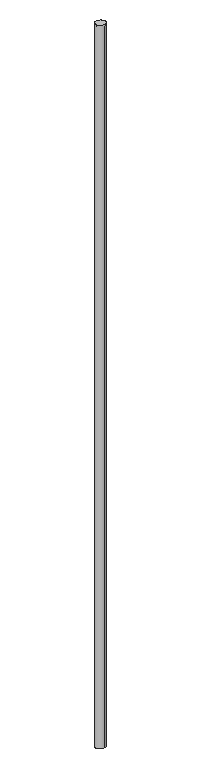
Revit family "Round Bars-Column", category Structural Columns, Revit 2018
Family settings
  Section Shape = Round Bar
  Material for Model Behavior = Steel
  Always export as geometry = No
  Beam cutback in plan = From geometry
  Family Name Key = Round Bars-Column
  OmniClass Number = 23.25.30.11.14.11
  OmniClass Title = Columns
  Seek Item ID = Round Bar-Column-0000-USA-ENU
  Cut with Voids When Loaded = No
  Symbolic Representation = From Project Settings
  Shared = No
  Show family pre-cut in plan views = Yes
Parameters (values of type "RB 1 1/2")
  Warping Constant = (empty or 0)
  Torsional Moment of Inertia = 0 cm⁴
  Torsional Modulus = 0 cm³
  Structural Material [instance] = Steel ASTM A36
  Section Name Key = "RB 1 1/2"
  Section Area = 1.77 in²
  Principal Axes Angle = 0.00°
  Plastic Modulus weak axis = 9.1768 cm³
  Plastic Modulus strong axis = 9.1768 cm³
  Perimeter = 4.71 (stored number, unit not read)
  Nominal Weight = 0 N/m
  Moment of Inertia weak axis = 10.406 cm⁴
  Moment of Inertia strong axis = 10.406 cm⁴
  Elastic Modulus weak axis = 5.4077 cm³
  Elastic Modulus strong axis = 5.4077 cm³
  Diameter = 0' - 1 1/2"
  Centroid Vertical = Diameter / 2  # 19.05 mm
  Centroid Horizontal = Diameter / 2  # 19.05 mm
  Assembly Code = "B10"
Reference planes (in)
  plane 1 "Center (Front/Back)": y = 0
  plane 2: z = 0
  plane 3 "Center (Left/Right)": x = 0
  plane 4: x = -0.75
  plane 5: x = 0.75
  plane 6: y = 0.75
  plane 7: y = -0.75
Forms (in)
  Extrusion 1, solid, material "Steel ASTM A36" <- "Structural Material", detail levels medium+fine
    sketch origin (0, 0, 0) x (1, 0, 0) y (0, 1, 0)
      loop
        circle (0, 0) r 0.75
    from 0 to 108
Lines and regions (in)
  symbolic lines, style "StructuralColumnStickSymbols", detail levels coarse
    curve 1: arc (-0.75, 0, 0) -> (0, -0.75, 0) -> (0.75, 0, 0) r 0.75
    curve 2: arc (0.75, 0, 0) -> (0, 0.75, 0) -> (-0.75, 0, 0) r 0.75
Dimensions and locks (in)
  equal spacing: plane 4, plane 3 "Center (Left/Right)", plane 5
  equal spacing: plane 7, plane 1 "Center (Front/Back)", plane 6
  "Diameter": plane 7 to plane 6
  "Diameter": plane 4 to plane 5
  "Diameter": diameter of Extrusion 1 sketch curve
  aligned and locked: level to plane 2
  aligned and locked: plane 3 "Center (Left/Right)" to Extrusion 1 sketch curve
  aligned and locked: plane 1 "Center (Front/Back)" to Extrusion 1 sketch curve
  aligned and locked: level to Extrusion 1
  aligned and locked: Extrusion 1 to plane 2
Automatic sketch dimensions
  plane 1 "Center (Front/Back)" to curve 1 = 0' - 0"  (x2)
  curve 1 to plane 4 = 0' - 0"
  plane 1 "Center (Front/Back)" to curve 2 = 0' - 0"
  curve 2 to plane 3 "Center (Left/Right)" = 0' - 0"
Types in the file's own list only (191): name | Warping Constant | Torsional Moment of Inertia | Torsional Modulus | Section Name Key | Section Area | Plastic Modulus weak axis | Plastic Modulus strong axis | Perimeter | Nominal Weight | Moment of Inertia weak axis | Moment of Inertia strong axis | Elastic Modulus weak axis | Elastic Modulus strong axis | Diameter | Centroid Vertical | Centroid Horizontal
  RB 1 | 0.00 in6 | 0.00 in4 | 0.00 in³ | "RB 1" | 0.79 in² | 0.17 in³ | 0.17 in³ | 3.14 ft²/ft | 0.00 lbf/ft | 0.05 in4 | 0.05 in4 | 0.10 in³ | 0.10 in³ | 1.000" | 0.500" | 0.500"
  RB 1 1/16 | 0.00 in6 | 0.00 in4 | 0.00 in³ | "RB 1 1/16" | 0.89 in² | 0.20 in³ | 0.20 in³ | 3.34 ft²/ft | 0.00 lbf/ft | 0.06 in4 | 0.06 in4 | 0.12 in³ | 0.12 in³ | 1.063" | 0.531" | 0.531"
  RB 1 1/4 | 0.00 in6 | 0.00 in4 | 0.00 in³ | "RB 1 1/4" | 1.23 in² | 0.33 in³ | 0.33 in³ | 3.93 ft²/ft | 0.00 lbf/ft | 0.12 in4 | 0.12 in4 | 0.19 in³ | 0.19 in³ | 1.250" | 0.625" | 0.625"
  RB 1 1/8 | 0.00 in6 | 0.00 in4 | 0.00 in³ | "RB 1 1/8" | 0.99 in² | 0.24 in³ | 0.24 in³ | 3.53 ft²/ft | 0.00 lbf/ft | 0.08 in4 | 0.08 in4 | 0.14 in³ | 0.14 in³ | 1.125" | 0.563" | 0.563"
  RB 1 11/16 | 0.00 in6 | 0.00 in4 | 0.00 in³ | "RB 1 11/16" | 2.24 in² | 0.80 in³ | 0.80 in³ | 5.30 ft²/ft | 0.00 lbf/ft | 0.40 in4 | 0.40 in4 | 0.47 in³ | 0.47 in³ | 1.688" | 0.844" | 0.844"
  RB 1 13/16 | 0.00 in6 | 0.00 in4 | 0.00 in³ | "RB 1 13/16" | 2.58 in² | 0.99 in³ | 0.99 in³ | 5.69 ft²/ft | 0.00 lbf/ft | 0.53 in4 | 0.53 in4 | 0.59 in³ | 0.59 in³ | 1.813" | 0.906" | 0.906"
  RB 1 15/16 | 0.00 in6 | 0.00 in4 | 0.00 in³ | "RB 1 15/16" | 2.95 in² | 1.21 in³ | 1.21 in³ | 6.08 ft²/ft | 0.00 lbf/ft | 0.69 in4 | 0.69 in4 | 0.71 in³ | 0.71 in³ | 1.938" | 0.969" | 0.969"
  RB 1 3/16 | 0.00 in6 | 0.00 in4 | 0.00 in³ | "RB 1 3/16" | 1.11 in² | 0.28 in³ | 0.28 in³ | 3.73 ft²/ft | 0.00 lbf/ft | 0.10 in4 | 0.10 in4 | 0.16 in³ | 0.16 in³ | 1.188" | 0.594" | 0.594"
  RB 1 3/4 | 0.00 in6 | 0.00 in4 | 0.00 in³ | "RB 1 3/4" | 2.40 in² | 0.89 in³ | 0.89 in³ | 5.50 ft²/ft | 0.00 lbf/ft | 0.46 in4 | 0.46 in4 | 0.53 in³ | 0.53 in³ | 1.750" | 0.875" | 0.875"
  RB 1 3/8 | 0.00 in6 | 0.00 in4 | 0.00 in³ | "RB 1 3/8" | 1.48 in² | 0.43 in³ | 0.43 in³ | 4.32 ft²/ft | 0.00 lbf/ft | 0.18 in4 | 0.18 in4 | 0.26 in³ | 0.26 in³ | 1.375" | 0.688" | 0.688"
  RB 1 5/16 | 0.00 in6 | 0.00 in4 | 0.00 in³ | "RB 1 5/16" | 1.35 in² | 0.38 in³ | 0.38 in³ | 4.12 ft²/ft | 0.00 lbf/ft | 0.15 in4 | 0.15 in4 | 0.22 in³ | 0.22 in³ | 1.313" | 0.656" | 0.656"
  RB 1 5/8 | 0.00 in6 | 0.00 in4 | 0.00 in³ | "RB 1 5/8" | 2.07 in² | 0.72 in³ | 0.72 in³ | 5.10 ft²/ft | 0.00 lbf/ft | 0.34 in4 | 0.34 in4 | 0.42 in³ | 0.42 in³ | 1.625" | 0.813" | 0.813"
  RB 1 7/16 | 0.00 in6 | 0.00 in4 | 0.00 in³ | "RB 1 7/16" | 1.62 in² | 0.50 in³ | 0.50 in³ | 4.51 ft²/ft | 0.00 lbf/ft | 0.21 in4 | 0.21 in4 | 0.29 in³ | 0.29 in³ | 1.438" | 0.719" | 0.719"
  RB 1 7/8 | 0.00 in6 | 0.00 in4 | 0.00 in³ | "RB 1 7/8" | 2.76 in² | 1.10 in³ | 1.10 in³ | 5.89 ft²/ft | 0.00 lbf/ft | 0.61 in4 | 0.61 in4 | 0.65 in³ | 0.65 in³ | 1.875" | 0.938" | 0.938"
  RB 1 9/16 | 0.00 in6 | 0.00 in4 | 0.00 in³ | "RB 1 9/16" | 1.92 in² | 0.64 in³ | 0.64 in³ | 4.91 ft²/ft | 0.00 lbf/ft | 0.29 in4 | 0.29 in4 | 0.38 in³ | 0.38 in³ | 1.563" | 0.781" | 0.781"
  RB 1/16 | 0.00 in6 | 0.00 in4 | 0.00 in³ | "RB 1/16" | 0.31 in² | 0.00 in³ | 0.00 in³ | 1.96 ft²/ft | 0.00 lbf/ft | 0.00 in4 | 0.00 in4 | 0.00 in³ | 0.00 in³ | 0.625" | 0.313" | 0.313"
  RB 1/2 | 0.00 in6 | 0.00 in4 | 0.00 in³ | "RB 1/2" | 0.20 in² | 0.02 in³ | 0.02 in³ | 1.57 ft²/ft | 0.00 lbf/ft | 0.00 in4 | 0.00 in4 | 0.01 in³ | 0.01 in³ | 0.500" | 0.250" | 0.250"
  RB 1/4 | 0.00 in6 | 0.00 in4 | 0.00 in³ | "RB 1/4" | 0.05 in² | 0.00 in³ | 0.00 in³ | 0.79 ft²/ft | 0.00 lbf/ft | 0.00 in4 | 0.00 in4 | 0.00 in³ | 0.00 in³ | 0.250" | 0.125" | 0.125"
  RB 1/8 | 0.00 in6 | 0.00 in4 | 0.00 in³ | "RB 1/8" | 0.01 in² | 0.00 in³ | 0.00 in³ | 0.39 ft²/ft | 0.00 lbf/ft | 0.00 in4 | 0.00 in4 | 0.00 in³ | 0.00 in³ | 0.125" | 0.063" | 0.063"
  RB 10 | 0.00 in6 | 0.00 in4 | 0.00 in³ | "RB 10" | 78.50 in² | 166.67 in³ | 166.67 in³ | 31.40 ft²/ft | 0.00 lbf/ft | 490.87 in4 | 490.87 in4 | 98.18 in³ | 98.18 in³ | 10.000" | 5.000" | 5.000"
  RB 10 1/16 | 0.00 in6 | 0.00 in4 | 0.00 in³ | "RB 10 1/16" | 79.48 in² | 169.81 in³ | 169.81 in³ | 31.60 ft²/ft | 0.00 lbf/ft | 503.26 in4 | 503.26 in4 | 100.03 in³ | 100.03 in³ | 10.063" | 5.031" | 5.031"
  RB 10 1/2 | 0.00 in6 | 0.00 in4 | 0.00 in³ | "RB 10 1/2" | 86.55 in² | 192.94 in³ | 192.94 in³ | 32.97 ft²/ft | 0.00 lbf/ft | 596.66 in4 | 596.66 in4 | 113.65 in³ | 113.65 in³ | 10.500" | 5.250" | 5.250"
  RB 10 1/4 | 0.00 in6 | 0.00 in4 | 0.00 in³ | "RB 10 1/4" | 82.47 in² | 179.48 in³ | 179.48 in³ | 32.19 ft²/ft | 0.00 lbf/ft | 541.83 in4 | 541.83 in4 | 105.72 in³ | 105.72 in³ | 10.250" | 5.125" | 5.125"
  RB 10 1/8 | 0.00 in6 | 0.00 in4 | 0.00 in³ | "RB 10 1/8" | 80.48 in² | 173.00 in³ | 173.00 in³ | 31.79 ft²/ft | 0.00 lbf/ft | 515.88 in4 | 515.88 in4 | 101.90 in³ | 101.90 in³ | 10.125" | 5.063" | 5.063"
  RB 10 11/16 | 0.00 in6 | 0.00 in4 | 0.00 in³ | "RB 10 11/16" | 89.67 in² | 203.46 in³ | 203.46 in³ | 33.56 ft²/ft | 0.00 lbf/ft | 640.43 in4 | 640.43 in4 | 119.85 in³ | 119.85 in³ | 10.688" | 5.344" | 5.344"
  RB 10 13/16 | 0.00 in6 | 0.00 in4 | 0.00 in³ | "RB 10 13/16" | 91.77 in² | 210.68 in³ | 210.68 in³ | 33.95 ft²/ft | 0.00 lbf/ft | 670.93 in4 | 670.93 in4 | 124.10 in³ | 124.10 in³ | 10.813" | 5.406" | 5.406"
  RB 10 15/16 | 0.00 in6 | 0.00 in4 | 0.00 in³ | "RB 10 15/16" | 93.91 in² | 218.07 in³ | 218.07 in³ | 34.34 ft²/ft | 0.00 lbf/ft | 702.49 in4 | 702.49 in4 | 128.46 in³ | 128.46 in³ | 10.938" | 5.469" | 5.469"
  RB 10 3/16 | 0.00 in6 | 0.00 in4 | 0.00 in³ | "RB 10 3/16" | 81.47 in² | 176.22 in³ | 176.22 in³ | 31.99 ft²/ft | 0.00 lbf/ft | 528.74 in4 | 528.74 in4 | 103.80 in³ | 103.80 in³ | 10.188" | 5.094" | 5.094"
  RB 10 3/4 | 0.00 in6 | 0.00 in4 | 0.00 in³ | "RB 10 3/4" | 90.72 in² | 207.05 in³ | 207.05 in³ | 33.76 ft²/ft | 0.00 lbf/ft | 655.55 in4 | 655.55 in4 | 121.96 in³ | 121.96 in³ | 10.750" | 5.375" | 5.375"
  RB 10 3/8 | 0.00 in6 | 0.00 in4 | 0.00 in³ | "RB 10 3/8" | 84.50 in² | 186.13 in³ | 186.13 in³ | 32.58 ft²/ft | 0.00 lbf/ft | 568.75 in4 | 568.75 in4 | 109.64 in³ | 109.64 in³ | 10.375" | 5.188" | 5.188"
  RB 10 5/16 | 0.00 in6 | 0.00 in4 | 0.00 in³ | "RB 10 5/16" | 83.48 in² | 182.79 in³ | 182.79 in³ | 32.38 ft²/ft | 0.00 lbf/ft | 555.17 in4 | 555.17 in4 | 107.67 in³ | 107.67 in³ | 10.313" | 5.156" | 5.156"
  RB 10 5/8 | 0.00 in6 | 0.00 in4 | 0.00 in³ | "RB 10 5/8" | 88.62 in² | 199.91 in³ | 199.91 in³ | 33.36 ft²/ft | 0.00 lbf/ft | 625.58 in4 | 625.58 in4 | 117.76 in³ | 117.76 in³ | 10.625" | 5.313" | 5.313"
  RB 10 7/16 | 0.00 in6 | 0.00 in4 | 0.00 in³ | "RB 10 7/16" | 85.52 in² | 189.51 in³ | 189.51 in³ | 32.77 ft²/ft | 0.00 lbf/ft | 582.58 in4 | 582.58 in4 | 111.63 in³ | 111.63 in³ | 10.438" | 5.219" | 5.219"
  RB 10 7/8 | 0.00 in6 | 0.00 in4 | 0.00 in³ | "RB 10 7/8" | 92.84 in² | 214.36 in³ | 214.36 in³ | 34.15 ft²/ft | 0.00 lbf/ft | 686.57 in4 | 686.57 in4 | 126.27 in³ | 126.27 in³ | 10.875" | 5.438" | 5.438"
  RB 10 9/16 | 0.00 in6 | 0.00 in4 | 0.00 in³ | "RB 10 9/16" | 87.58 in² | 196.40 in³ | 196.40 in³ | 33.17 ft²/ft | 0.00 lbf/ft | 610.99 in4 | 610.99 in4 | 115.69 in³ | 115.69 in³ | 10.563" | 5.281" | 5.281"
  RB 11 | 0.00 in6 | 0.00 in4 | 0.00 in³ | "RB 11" | 94.99 in² | 221.83 in³ | 221.83 in³ | 34.54 ft²/ft | 0.00 lbf/ft | 718.69 in4 | 718.69 in4 | 130.67 in³ | 130.67 in³ | 11.000" | 5.500" | 5.500"
  RB 11 1/16 | 0.00 in6 | 0.00 in4 | 0.00 in³ | "RB 11 1/16" | 96.07 in² | 225.64 in³ | 225.64 in³ | 34.74 ft²/ft | 0.00 lbf/ft | 735.16 in4 | 735.16 in4 | 132.91 in³ | 132.91 in³ | 11.063" | 5.531" | 5.531"
  RB 11 1/2 | 0.00 in6 | 0.00 in4 | 0.00 in³ | "RB 11 1/2" | 103.82 in² | 253.48 in³ | 253.48 in³ | 36.11 ft²/ft | 0.00 lbf/ft | 858.54 in4 | 858.54 in4 | 149.31 in³ | 149.31 in³ | 11.500" | 5.750" | 5.750"
  RB 11 1/4 | 0.00 in6 | 0.00 in4 | 0.00 in³ | "RB 11 1/4" | 99.35 in² | 237.31 in³ | 237.31 in³ | 35.33 ft²/ft | 0.00 lbf/ft | 786.29 in4 | 786.29 in4 | 139.78 in³ | 139.78 in³ | 11.250" | 5.625" | 5.625"
  RB 11 1/8 | 0.00 in6 | 0.00 in4 | 0.00 in³ | "RB 11 1/8" | 97.16 in² | 229.48 in³ | 229.48 in³ | 34.93 ft²/ft | 0.00 lbf/ft | 751.92 in4 | 751.92 in4 | 135.18 in³ | 135.18 in³ | 11.125" | 5.563" | 5.563"
  RB 11 11/16 | 0.00 in6 | 0.00 in4 | 0.00 in³ | "RB 11 11/16" | 107.23 in² | 266.08 in³ | 266.08 in³ | 36.70 ft²/ft | 0.00 lbf/ft | 915.92 in4 | 915.92 in4 | 156.74 in³ | 156.74 in³ | 11.688" | 5.844" | 5.844"
  RB 11 13/16 | 0.00 in6 | 0.00 in4 | 0.00 in³ | "RB 11 13/16" | 109.54 in² | 274.71 in³ | 274.71 in³ | 37.09 ft²/ft | 0.00 lbf/ft | 955.73 in4 | 955.73 in4 | 161.82 in³ | 161.82 in³ | 11.813" | 5.906" | 5.906"
  RB 11 15/16 | 0.00 in6 | 0.00 in4 | 0.00 in³ | "RB 11 15/16" | 111.87 in² | 283.52 in³ | 283.52 in³ | 37.48 ft²/ft | 0.00 lbf/ft | 996.84 in4 | 996.84 in4 | 167.01 in³ | 167.01 in³ | 11.938" | 5.969" | 5.969"
  RB 11 3/16 | 0.00 in6 | 0.00 in4 | 0.00 in³ | "RB 11 3/16" | 98.25 in² | 233.37 in³ | 233.37 in³ | 35.13 ft²/ft | 0.00 lbf/ft | 768.96 in4 | 768.96 in4 | 137.47 in³ | 137.47 in³ | 11.188" | 5.594" | 5.594"
  RB 11 3/4 | 0.00 in6 | 0.00 in4 | 0.00 in³ | "RB 11 3/4" | 108.38 in² | 270.37 in³ | 270.37 in³ | 36.90 ft²/ft | 0.00 lbf/ft | 935.67 in4 | 935.67 in4 | 159.26 in³ | 159.26 in³ | 11.750" | 5.875" | 5.875"
  RB 11 3/8 | 0.00 in6 | 0.00 in4 | 0.00 in³ | "RB 11 3/8" | 101.57 in² | 245.30 in³ | 245.30 in³ | 35.72 ft²/ft | 0.00 lbf/ft | 821.82 in4 | 821.82 in4 | 144.50 in³ | 144.50 in³ | 11.375" | 5.688" | 5.688"
  RB 11 5/16 | 0.00 in6 | 0.00 in4 | 0.00 in³ | "RB 11 5/16" | 100.46 in² | 241.28 in³ | 241.28 in³ | 35.52 ft²/ft | 0.00 lbf/ft | 803.90 in4 | 803.90 in4 | 142.13 in³ | 142.13 in³ | 11.313" | 5.656" | 5.656"
  RB 11 5/8 | 0.00 in6 | 0.00 in4 | 0.00 in³ | "RB 11 5/8" | 106.09 in² | 261.84 in³ | 261.84 in³ | 36.50 ft²/ft | 0.00 lbf/ft | 896.48 in4 | 896.48 in4 | 154.23 in³ | 154.23 in³ | 11.625" | 5.813" | 5.813"
  RB 11 7/16 | 0.00 in6 | 0.00 in4 | 0.00 in³ | "RB 11 7/16" | 102.69 in² | 249.37 in³ | 249.37 in³ | 35.91 ft²/ft | 0.00 lbf/ft | 840.03 in4 | 840.03 in4 | 146.89 in³ | 146.89 in³ | 11.438" | 5.719" | 5.719"
  RB 11 7/8 | 0.00 in6 | 0.00 in4 | 0.00 in³ | "RB 11 7/8" | 110.70 in² | 279.09 in³ | 279.09 in³ | 37.29 ft²/ft | 0.00 lbf/ft | 976.12 in4 | 976.12 in4 | 164.40 in³ | 164.40 in³ | 11.875" | 5.938" | 5.938"
  RB 11 9/16 | 0.00 in6 | 0.00 in4 | 0.00 in³ | "RB 11 9/16" | 104.95 in² | 257.63 in³ | 257.63 in³ | 36.31 ft²/ft | 0.00 lbf/ft | 877.36 in4 | 877.36 in4 | 151.76 in³ | 151.76 in³ | 11.563" | 5.781" | 5.781"
  RB 11/16 | 0.00 in6 | 0.00 in4 | 0.00 in³ | "RB 11/16" | 0.37 in² | 0.05 in³ | 0.05 in³ | 2.16 ft²/ft | 0.00 lbf/ft | 0.01 in4 | 0.01 in4 | 0.03 in³ | 0.03 in³ | 0.688" | 0.344" | 0.344"
  RB 12 | 0.00 in6 | 0.00 in4 | 0.00 in³ | "RB 12" | 113.04 in² | 288.00 in³ | 288.00 in³ | 37.68 ft²/ft | 0.00 lbf/ft | 1017.88 in4 | 1017.88 in4 | 169.65 in³ | 169.65 in³ | 12.000" | 6.000" | 6.000"
  RB 13/16 | 0.00 in6 | 0.00 in4 | 0.00 in³ | "RB 13/16" | 0.52 in² | 0.09 in³ | 0.09 in³ | 2.55 ft²/ft | 0.00 lbf/ft | 0.02 in4 | 0.02 in4 | 0.05 in³ | 0.05 in³ | 0.813" | 0.406" | 0.406"
  RB 15/16 | 0.00 in6 | 0.00 in4 | 0.00 in³ | "RB 15/16" | 0.69 in² | 0.14 in³ | 0.14 in³ | 2.94 ft²/ft | 0.00 lbf/ft | 0.04 in4 | 0.04 in4 | 0.08 in³ | 0.08 in³ | 0.938" | 0.469" | 0.469"
  RB 2 | 0.00 in6 | 0.00 in4 | 0.00 in³ | "RB 2" | 3.14 in² | 1.33 in³ | 1.33 in³ | 6.28 ft²/ft | 0.00 lbf/ft | 0.79 in4 | 0.79 in4 | 0.79 in³ | 0.79 in³ | 2.000" | 1.000" | 1.000"
  RB 2 1/16 | 0.00 in6 | 0.00 in4 | 0.00 in³ | "RB 2 1/16" | 3.34 in² | 1.46 in³ | 1.46 in³ | 6.48 ft²/ft | 0.00 lbf/ft | 0.89 in4 | 0.89 in4 | 0.86 in³ | 0.86 in³ | 2.063" | 1.031" | 1.031"
  RB 2 1/2 | 0.00 in6 | 0.00 in4 | 0.00 in³ | "RB 2 1/2" | 4.91 in² | 2.60 in³ | 2.60 in³ | 7.85 ft²/ft | 0.00 lbf/ft | 1.92 in4 | 1.92 in4 | 1.53 in³ | 1.53 in³ | 2.500" | 1.250" | 1.250"
  RB 2 1/4 | 0.00 in6 | 0.00 in4 | 0.00 in³ | "RB 2 1/4" | 3.97 in² | 1.90 in³ | 1.90 in³ | 7.07 ft²/ft | 0.00 lbf/ft | 1.26 in4 | 1.26 in4 | 1.12 in³ | 1.12 in³ | 2.250" | 1.125" | 1.125"
  RB 2 1/8 | 0.00 in6 | 0.00 in4 | 0.00 in³ | "RB 2 1/8" | 3.55 in² | 1.60 in³ | 1.60 in³ | 6.67 ft²/ft | 0.00 lbf/ft | 1.00 in4 | 1.00 in4 | 0.94 in³ | 0.94 in³ | 2.125" | 1.063" | 1.063"
  RB 2 11/16 | 0.00 in6 | 0.00 in4 | 0.00 in³ | "RB 2 11/16" | 5.67 in² | 3.24 in³ | 3.24 in³ | 8.44 ft²/ft | 0.00 lbf/ft | 2.56 in4 | 2.56 in4 | 1.91 in³ | 1.91 in³ | 2.688" | 1.344" | 1.344"
  RB 2 13/16 | 0.00 in6 | 0.00 in4 | 0.00 in³ | "RB 2 13/16" | 6.21 in² | 3.71 in³ | 3.71 in³ | 8.83 ft²/ft | 0.00 lbf/ft | 3.07 in4 | 3.07 in4 | 2.18 in³ | 2.18 in³ | 2.813" | 1.406" | 1.406"
  RB 2 15/16 | 0.00 in6 | 0.00 in4 | 0.00 in³ | "RB 2 15/16" | 6.77 in² | 4.23 in³ | 4.23 in³ | 9.22 ft²/ft | 0.00 lbf/ft | 3.66 in4 | 3.66 in4 | 2.49 in³ | 2.49 in³ | 2.938" | 1.469" | 1.469"
  RB 2 3/16 | 0.00 in6 | 0.00 in4 | 0.00 in³ | "RB 2 3/16" | 3.76 in² | 1.75 in³ | 1.75 in³ | 6.87 ft²/ft | 0.00 lbf/ft | 1.12 in4 | 1.12 in4 | 1.03 in³ | 1.03 in³ | 2.188" | 1.094" | 1.094"
  RB 2 3/4 | 0.00 in6 | 0.00 in4 | 0.00 in³ | "RB 2 3/4" | 5.94 in² | 3.47 in³ | 3.47 in³ | 8.64 ft²/ft | 0.00 lbf/ft | 2.81 in4 | 2.81 in4 | 2.04 in³ | 2.04 in³ | 2.750" | 1.375" | 1.375"
  RB 2 3/8 | 0.00 in6 | 0.00 in4 | 0.00 in³ | "RB 2 3/8" | 4.43 in² | 2.23 in³ | 2.23 in³ | 7.46 ft²/ft | 0.00 lbf/ft | 1.56 in4 | 1.56 in4 | 1.32 in³ | 1.32 in³ | 2.375" | 1.188" | 1.188"
  RB 2 5/16 | 0.00 in6 | 0.00 in4 | 0.00 in³ | "RB 2 5/16" | 4.20 in² | 2.06 in³ | 2.06 in³ | 7.26 ft²/ft | 0.00 lbf/ft | 1.40 in4 | 1.40 in4 | 1.21 in³ | 1.21 in³ | 2.313" | 1.156" | 1.156"
  RB 2 5/8 | 0.00 in6 | 0.00 in4 | 0.00 in³ | "RB 2 5/8" | 5.41 in² | 3.02 in³ | 3.02 in³ | 8.24 ft²/ft | 0.00 lbf/ft | 2.33 in4 | 2.33 in4 | 1.78 in³ | 1.78 in³ | 2.625" | 1.313" | 1.313"
  RB 2 7/16 | 0.00 in6 | 0.00 in4 | 0.00 in³ | "RB 2 7/16" | 4.66 in² | 2.41 in³ | 2.41 in³ | 7.65 ft²/ft | 0.00 lbf/ft | 1.73 in4 | 1.73 in4 | 1.42 in³ | 1.42 in³ | 2.438" | 1.219" | 1.219"
  RB 2 7/8 | 0.00 in6 | 0.00 in4 | 0.00 in³ | "RB 2 7/8" | 6.49 in² | 3.96 in³ | 3.96 in³ | 9.03 ft²/ft | 0.00 lbf/ft | 3.35 in4 | 3.35 in4 | 2.33 in³ | 2.33 in³ | 2.875" | 1.438" | 1.438"
  RB 2 9/16 | 0.00 in6 | 0.00 in4 | 0.00 in³ | "RB 2 9/16" | 5.16 in² | 2.80 in³ | 2.80 in³ | 8.05 ft²/ft | 0.00 lbf/ft | 2.12 in4 | 2.12 in4 | 1.65 in³ | 1.65 in³ | 2.563" | 1.281" | 1.281"
  RB 3 | 0.00 in6 | 0.00 in4 | 0.00 in³ | "RB 3" | 7.07 in² | 4.50 in³ | 4.50 in³ | 9.42 ft²/ft | 0.00 lbf/ft | 3.98 in4 | 3.98 in4 | 2.65 in³ | 2.65 in³ | 3.000" | 1.500" | 1.500"
  RB 3 1/16 | 0.00 in6 | 0.00 in4 | 0.00 in³ | "RB 3 1/16" | 7.36 in² | 4.79 in³ | 4.79 in³ | 9.62 ft²/ft | 0.00 lbf/ft | 4.32 in4 | 4.32 in4 | 2.82 in³ | 2.82 in³ | 3.063" | 1.531" | 1.531"
  RB 3 1/2 | 0.00 in6 | 0.00 in4 | 0.00 in³ | "RB 3 1/2" | 9.62 in² | 7.15 in³ | 7.15 in³ | 10.99 ft²/ft | 0.00 lbf/ft | 7.37 in4 | 7.37 in4 | 4.21 in³ | 4.21 in³ | 3.500" | 1.750" | 1.750"
  RB 3 1/4 | 0.00 in6 | 0.00 in4 | 0.00 in³ | "RB 3 1/4" | 8.29 in² | 5.72 in³ | 5.72 in³ | 10.21 ft²/ft | 0.00 lbf/ft | 5.48 in4 | 5.48 in4 | 3.37 in³ | 3.37 in³ | 3.250" | 1.625" | 1.625"
  RB 3 1/8 | 0.00 in6 | 0.00 in4 | 0.00 in³ | "RB 3 1/8" | 7.67 in² | 5.09 in³ | 5.09 in³ | 9.81 ft²/ft | 0.00 lbf/ft | 4.68 in4 | 4.68 in4 | 3.00 in³ | 3.00 in³ | 3.125" | 1.563" | 1.563"
  RB 3 11/16 | 0.00 in6 | 0.00 in4 | 0.00 in³ | "RB 3 11/16" | 10.67 in² | 8.36 in³ | 8.36 in³ | 11.58 ft²/ft | 0.00 lbf/ft | 9.08 in4 | 9.08 in4 | 4.92 in³ | 4.92 in³ | 3.688" | 1.844" | 1.844"
  RB 3 13/16 | 0.00 in6 | 0.00 in4 | 0.00 in³ | "RB 3 13/16" | 11.41 in² | 9.24 in³ | 9.24 in³ | 11.97 ft²/ft | 0.00 lbf/ft | 10.37 in4 | 10.37 in4 | 5.44 in³ | 5.44 in³ | 3.813" | 1.906" | 1.906"
  RB 3 15/16 | 0.00 in6 | 0.00 in4 | 0.00 in³ | "RB 3 15/16" | 12.17 in² | 10.17 in³ | 10.17 in³ | 12.36 ft²/ft | 0.00 lbf/ft | 11.80 in4 | 11.80 in4 | 5.99 in³ | 5.99 in³ | 3.938" | 1.969" | 1.969"
  RB 3 3/16 | 0.00 in6 | 0.00 in4 | 0.00 in³ | "RB 3 3/16" | 7.98 in² | 5.40 in³ | 5.40 in³ | 10.01 ft²/ft | 0.00 lbf/ft | 5.07 in4 | 5.07 in4 | 3.18 in³ | 3.18 in³ | 3.188" | 1.594" | 1.594"
  RB 3 3/4 | 0.00 in6 | 0.00 in4 | 0.00 in³ | "RB 3 3/4" | 11.04 in² | 8.79 in³ | 8.79 in³ | 11.78 ft²/ft | 0.00 lbf/ft | 9.71 in4 | 9.71 in4 | 5.18 in³ | 5.18 in³ | 3.750" | 1.875" | 1.875"
  RB 3 3/8 | 0.00 in6 | 0.00 in4 | 0.00 in³ | "RB 3 3/8" | 8.94 in² | 6.41 in³ | 6.41 in³ | 10.60 ft²/ft | 0.00 lbf/ft | 6.37 in4 | 6.37 in4 | 3.77 in³ | 3.77 in³ | 3.375" | 1.688" | 1.688"
  RB 3 5/16 | 0.00 in6 | 0.00 in4 | 0.00 in³ | "RB 3 5/16" | 8.61 in² | 6.06 in³ | 6.06 in³ | 10.40 ft²/ft | 0.00 lbf/ft | 5.91 in4 | 5.91 in4 | 3.57 in³ | 3.57 in³ | 3.313" | 1.656" | 1.656"
  RB 3 5/8 | 0.00 in6 | 0.00 in4 | 0.00 in³ | "RB 3 5/8" | 10.32 in² | 7.94 in³ | 7.94 in³ | 11.38 ft²/ft | 0.00 lbf/ft | 8.48 in4 | 8.48 in4 | 4.68 in³ | 4.68 in³ | 3.625" | 1.813" | 1.813"
  RB 3 7/16 | 0.00 in6 | 0.00 in4 | 0.00 in³ | "RB 3 7/16" | 9.28 in² | 6.77 in³ | 6.77 in³ | 10.79 ft²/ft | 0.00 lbf/ft | 6.85 in4 | 6.85 in4 | 3.99 in³ | 3.99 in³ | 3.438" | 1.719" | 1.719"
  RB 3 7/8 | 0.00 in6 | 0.00 in4 | 0.00 in³ | "RB 3 7/8" | 11.79 in² | 9.70 in³ | 9.70 in³ | 12.17 ft²/ft | 0.00 lbf/ft | 11.07 in4 | 11.07 in4 | 5.71 in³ | 5.71 in³ | 3.875" | 1.938" | 1.938"
  RB 3 9/16 | 0.00 in6 | 0.00 in4 | 0.00 in³ | "RB 3 9/16" | 9.96 in² | 7.54 in³ | 7.54 in³ | 11.19 ft²/ft | 0.00 lbf/ft | 7.91 in4 | 7.91 in4 | 4.44 in³ | 4.44 in³ | 3.563" | 1.781" | 1.781"
  RB 3/16 | 0.00 in6 | 0.00 in4 | 0.00 in³ | "RB 3/16" | 0.03 in² | 0.00 in³ | 0.00 in³ | 0.59 ft²/ft | 0.00 lbf/ft | 0.00 in4 | 0.00 in4 | 0.00 in³ | 0.00 in³ | 0.188" | 0.094" | 0.094"
  RB 3/4 | 0.00 in6 | 0.00 in4 | 0.00 in³ | "RB 3/4" | 0.44 in² | 0.07 in³ | 0.07 in³ | 2.36 ft²/ft | 0.00 lbf/ft | 0.02 in4 | 0.02 in4 | 0.04 in³ | 0.04 in³ | 0.750" | 0.375" | 0.375"
  RB 3/8 | 0.00 in6 | 0.00 in4 | 0.00 in³ | "RB 3/8" | 0.11 in² | 0.01 in³ | 0.01 in³ | 1.18 ft²/ft | 0.00 lbf/ft | 0.00 in4 | 0.00 in4 | 0.01 in³ | 0.01 in³ | 0.375" | 0.188" | 0.188"
  RB 4 | 0.00 in6 | 0.00 in4 | 0.00 in³ | "RB 4" | 12.56 in² | 10.67 in³ | 10.67 in³ | 12.56 ft²/ft | 0.00 lbf/ft | 12.57 in4 | 12.57 in4 | 6.28 in³ | 6.28 in³ | 4.000" | 2.000" | 2.000"
  RB 4 1/16 | 0.00 in6 | 0.00 in4 | 0.00 in³ | "RB 4 1/16" | 12.96 in² | 11.18 in³ | 11.18 in³ | 12.76 ft²/ft | 0.00 lbf/ft | 13.37 in4 | 13.37 in4 | 6.58 in³ | 6.58 in³ | 4.063" | 2.031" | 2.031"
  RB 4 1/2 | 0.00 in6 | 0.00 in4 | 0.00 in³ | "RB 4 1/2" | 15.90 in² | 15.19 in³ | 15.19 in³ | 14.13 ft²/ft | 0.00 lbf/ft | 20.13 in4 | 20.13 in4 | 8.95 in³ | 8.95 in³ | 4.500" | 2.250" | 2.250"
  RB 4 1/4 | 0.00 in6 | 0.00 in4 | 0.00 in³ | "RB 4 1/4" | 14.18 in² | 12.79 in³ | 12.79 in³ | 13.35 ft²/ft | 0.00 lbf/ft | 16.02 in4 | 16.02 in4 | 7.54 in³ | 7.54 in³ | 4.250" | 2.125" | 2.125"
  RB 4 1/8 | 0.00 in6 | 0.00 in4 | 0.00 in³ | "RB 4 1/8" | 13.36 in² | 11.70 in³ | 11.70 in³ | 12.95 ft²/ft | 0.00 lbf/ft | 14.21 in4 | 14.21 in4 | 6.89 in³ | 6.89 in³ | 4.125" | 2.063" | 2.063"
  RB 4 11/16 | 0.00 in6 | 0.00 in4 | 0.00 in³ | "RB 4 11/16" | 17.25 in² | 17.17 in³ | 17.17 in³ | 14.72 ft²/ft | 0.00 lbf/ft | 23.70 in4 | 23.70 in4 | 10.11 in³ | 10.11 in³ | 4.688" | 2.344" | 2.344"
  RB 4 13/16 | 0.00 in6 | 0.00 in4 | 0.00 in³ | "RB 4 13/16" | 18.18 in² | 18.58 in³ | 18.58 in³ | 15.11 ft²/ft | 0.00 lbf/ft | 26.33 in4 | 26.33 in4 | 10.94 in³ | 10.94 in³ | 4.813" | 2.406" | 2.406"
  RB 4 15/16 | 0.00 in6 | 0.00 in4 | 0.00 in³ | "RB 4 15/16" | 19.14 in² | 20.06 in³ | 20.06 in³ | 15.50 ft²/ft | 0.00 lbf/ft | 29.17 in4 | 29.17 in4 | 11.82 in³ | 11.82 in³ | 4.938" | 2.469" | 2.469"
  RB 4 3/16 | 0.00 in6 | 0.00 in4 | 0.00 in³ | "RB 4 3/16" | 13.77 in² | 12.24 in³ | 12.24 in³ | 13.15 ft²/ft | 0.00 lbf/ft | 15.09 in4 | 15.09 in4 | 7.21 in³ | 7.21 in³ | 4.188" | 2.094" | 2.094"
  RB 4 3/4 | 0.00 in6 | 0.00 in4 | 0.00 in³ | "RB 4 3/4" | 17.71 in² | 17.86 in³ | 17.86 in³ | 14.92 ft²/ft | 0.00 lbf/ft | 24.99 in4 | 24.99 in4 | 10.52 in³ | 10.52 in³ | 4.750" | 2.375" | 2.375"
  RB 4 3/8 | 0.00 in6 | 0.00 in4 | 0.00 in³ | "RB 4 3/8" | 15.03 in² | 13.96 in³ | 13.96 in³ | 13.74 ft²/ft | 0.00 lbf/ft | 17.98 in4 | 17.98 in4 | 8.22 in³ | 8.22 in³ | 4.375" | 2.188" | 2.188"
  RB 4 5/16 | 0.00 in6 | 0.00 in4 | 0.00 in³ | "RB 4 5/16" | 14.60 in² | 13.37 in³ | 13.37 in³ | 13.54 ft²/ft | 0.00 lbf/ft | 16.98 in4 | 16.98 in4 | 7.87 in³ | 7.87 in³ | 4.313" | 2.156" | 2.156"
  RB 4 5/8 | 0.00 in6 | 0.00 in4 | 0.00 in³ | "RB 4 5/8" | 16.79 in² | 16.49 in³ | 16.49 in³ | 14.52 ft²/ft | 0.00 lbf/ft | 22.46 in4 | 22.46 in4 | 9.71 in³ | 9.71 in³ | 4.625" | 2.313" | 2.313"
  RB 4 7/16 | 0.00 in6 | 0.00 in4 | 0.00 in³ | "RB 4 7/16" | 15.46 in² | 14.56 in³ | 14.56 in³ | 13.93 ft²/ft | 0.00 lbf/ft | 19.03 in4 | 19.03 in4 | 8.58 in³ | 8.58 in³ | 4.438" | 2.219" | 2.219"
  RB 4 7/8 | 0.00 in6 | 0.00 in4 | 0.00 in³ | "RB 4 7/8" | 18.66 in² | 19.31 in³ | 19.31 in³ | 15.31 ft²/ft | 0.00 lbf/ft | 27.73 in4 | 27.73 in4 | 11.37 in³ | 11.37 in³ | 4.875" | 2.438" | 2.438"
  RB 4 9/16 | 0.00 in6 | 0.00 in4 | 0.00 in³ | "RB 4 9/16" | 16.34 in² | 15.83 in³ | 15.83 in³ | 14.33 ft²/ft | 0.00 lbf/ft | 21.27 in4 | 21.27 in4 | 9.32 in³ | 9.32 in³ | 4.563" | 2.281" | 2.281"
  RB 5 | 0.00 in6 | 0.00 in4 | 0.00 in³ | "RB 5" | 19.63 in² | 20.83 in³ | 20.83 in³ | 15.70 ft²/ft | 0.00 lbf/ft | 30.68 in4 | 30.68 in4 | 12.27 in³ | 12.27 in³ | 5.000" | 2.500" | 2.500"
  RB 5 1/16 | 0.00 in6 | 0.00 in4 | 0.00 in³ | "RB 5 1/16" | 20.12 in² | 21.62 in³ | 21.62 in³ | 15.90 ft²/ft | 0.00 lbf/ft | 32.24 in4 | 32.24 in4 | 12.74 in³ | 12.74 in³ | 5.063" | 2.531" | 2.531"
  RB 5 1/2 | 0.00 in6 | 0.00 in4 | 0.00 in³ | "RB 5 1/2" | 23.75 in² | 27.73 in³ | 27.73 in³ | 17.27 ft²/ft | 0.00 lbf/ft | 44.92 in4 | 44.92 in4 | 16.33 in³ | 16.33 in³ | 5.500" | 2.750" | 2.750"
  RB 5 1/4 | 0.00 in6 | 0.00 in4 | 0.00 in³ | "RB 5 1/4" | 21.64 in² | 24.12 in³ | 24.12 in³ | 16.49 ft²/ft | 0.00 lbf/ft | 37.29 in4 | 37.29 in4 | 14.21 in³ | 14.21 in³ | 5.250" | 2.625" | 2.625"
  RB 5 1/8 | 0.00 in6 | 0.00 in4 | 0.00 in³ | "RB 5 1/8" | 20.62 in² | 22.44 in³ | 22.44 in³ | 16.09 ft²/ft | 0.00 lbf/ft | 33.87 in4 | 33.87 in4 | 13.22 in³ | 13.22 in³ | 5.125" | 2.563" | 2.563"
  RB 5 11/16 | 0.00 in6 | 0.00 in4 | 0.00 in³ | "RB 5 11/16" | 25.39 in² | 30.66 in³ | 30.66 in³ | 17.86 ft²/ft | 0.00 lbf/ft | 51.36 in4 | 51.36 in4 | 18.06 in³ | 18.06 in³ | 5.688" | 2.844" | 2.844"
  RB 5 13/16 | 0.00 in6 | 0.00 in4 | 0.00 in³ | "RB 5 13/16" | 26.52 in² | 32.73 in³ | 32.73 in³ | 18.25 ft²/ft | 0.00 lbf/ft | 56.03 in4 | 56.03 in4 | 19.28 in³ | 19.28 in³ | 5.813" | 2.906" | 2.906"
  RB 5 15/16 | 0.00 in6 | 0.00 in4 | 0.00 in³ | "RB 5 15/16" | 27.67 in² | 34.89 in³ | 34.89 in³ | 18.64 ft²/ft | 0.00 lbf/ft | 61.01 in4 | 61.01 in4 | 20.55 in³ | 20.55 in³ | 5.938" | 2.969" | 2.969"
  RB 5 3/16 | 0.00 in6 | 0.00 in4 | 0.00 in³ | "RB 5 3/16" | 21.12 in² | 23.27 in³ | 23.27 in³ | 16.29 ft²/ft | 0.00 lbf/ft | 35.55 in4 | 35.55 in4 | 13.71 in³ | 13.71 in³ | 5.188" | 2.594" | 2.594"
  RB 5 3/4 | 0.00 in6 | 0.00 in4 | 0.00 in³ | "RB 5 3/4" | 25.95 in² | 31.69 in³ | 31.69 in³ | 18.06 ft²/ft | 0.00 lbf/ft | 53.66 in4 | 53.66 in4 | 18.66 in³ | 18.66 in³ | 5.750" | 2.875" | 2.875"
  RB 5 3/8 | 0.00 in6 | 0.00 in4 | 0.00 in³ | "RB 5 3/8" | 22.68 in² | 25.88 in³ | 25.88 in³ | 16.88 ft²/ft | 0.00 lbf/ft | 40.97 in4 | 40.97 in4 | 15.25 in³ | 15.25 in³ | 5.375" | 2.688" | 2.688"
  RB 5 5/16 | 0.00 in6 | 0.00 in4 | 0.00 in³ | "RB 5 5/16" | 22.16 in² | 24.99 in³ | 24.99 in³ | 16.68 ft²/ft | 0.00 lbf/ft | 39.10 in4 | 39.10 in4 | 14.72 in³ | 14.72 in³ | 5.313" | 2.656" | 2.656"
  RB 5 5/8 | 0.00 in6 | 0.00 in4 | 0.00 in³ | "RB 5 5/8" | 24.84 in² | 29.66 in³ | 29.66 in³ | 17.66 ft²/ft | 0.00 lbf/ft | 49.14 in4 | 49.14 in4 | 17.47 in³ | 17.47 in³ | 5.625" | 2.813" | 2.813"
  RB 5 7/16 | 0.00 in6 | 0.00 in4 | 0.00 in³ | "RB 5 7/16" | 23.21 in² | 26.80 in³ | 26.80 in³ | 17.07 ft²/ft | 0.00 lbf/ft | 42.91 in4 | 42.91 in4 | 15.78 in³ | 15.78 in³ | 5.438" | 2.719" | 2.719"
  RB 5 7/8 | 0.00 in6 | 0.00 in4 | 0.00 in³ | "RB 5 7/8" | 27.10 in² | 33.80 in³ | 33.80 in³ | 18.45 ft²/ft | 0.00 lbf/ft | 58.48 in4 | 58.48 in4 | 19.91 in³ | 19.91 in³ | 5.875" | 2.938" | 2.938"
  RB 5 9/16 | 0.00 in6 | 0.00 in4 | 0.00 in³ | "RB 5 9/16" | 24.29 in² | 28.69 in³ | 28.69 in³ | 17.47 ft²/ft | 0.00 lbf/ft | 47.00 in4 | 47.00 in4 | 16.90 in³ | 16.90 in³ | 5.563" | 2.781" | 2.781"
  RB 5/16 | 0.00 in6 | 0.00 in4 | 0.00 in³ | "RB 5/16" | 0.08 in² | 0.01 in³ | 0.01 in³ | 0.98 ft²/ft | 0.00 lbf/ft | 0.00 in4 | 0.00 in4 | 0.00 in³ | 0.00 in³ | 0.313" | 0.156" | 0.156"
  RB 5/8 | 0.00 in6 | 0.00 in4 | 0.00 in³ | "RB 5/8" | 0.31 in² | 0.04 in³ | 0.04 in³ | 1.96 ft²/ft | 0.00 lbf/ft | 0.01 in4 | 0.01 in4 | 0.02 in³ | 0.02 in³ | 0.625" | 0.313" | 0.313"
  RB 6 | 0.00 in6 | 0.00 in4 | 0.00 in³ | "RB 6" | 28.26 in² | 36.00 in³ | 36.00 in³ | 18.84 ft²/ft | 0.00 lbf/ft | 63.62 in4 | 63.62 in4 | 21.21 in³ | 21.21 in³ | 6.000" | 3.000" | 3.000"
  RB 6 1/16 | 0.00 in6 | 0.00 in4 | 0.00 in³ | "RB 6 1/16" | 28.85 in² | 37.14 in³ | 37.14 in³ | 19.04 ft²/ft | 0.00 lbf/ft | 66.31 in4 | 66.31 in4 | 21.88 in³ | 21.88 in³ | 6.063" | 3.031" | 3.031"
  RB 6 1/2 | 0.00 in6 | 0.00 in4 | 0.00 in³ | "RB 6 1/2" | 33.17 in² | 45.77 in³ | 45.77 in³ | 20.41 ft²/ft | 0.00 lbf/ft | 87.62 in4 | 87.62 in4 | 26.96 in³ | 26.96 in³ | 6.500" | 3.250" | 3.250"
  RB 6 1/4 | 0.00 in6 | 0.00 in4 | 0.00 in³ | "RB 6 1/4" | 30.66 in² | 40.69 in³ | 40.69 in³ | 19.63 ft²/ft | 0.00 lbf/ft | 74.90 in4 | 74.90 in4 | 23.97 in³ | 23.97 in³ | 6.250" | 3.125" | 3.125"
  RB 6 1/8 | 0.00 in6 | 0.00 in4 | 0.00 in³ | "RB 6 1/8" | 29.45 in² | 38.30 in³ | 38.30 in³ | 19.23 ft²/ft | 0.00 lbf/ft | 69.09 in4 | 69.09 in4 | 22.56 in³ | 22.56 in³ | 6.125" | 3.063" | 3.063"
  RB 6 11/16 | 0.00 in6 | 0.00 in4 | 0.00 in³ | "RB 6 11/16" | 35.11 in² | 49.85 in³ | 49.85 in³ | 21.00 ft²/ft | 0.00 lbf/ft | 98.18 in4 | 98.18 in4 | 29.36 in³ | 29.36 in³ | 6.688" | 3.344" | 3.344"
  RB 6 13/16 | 0.00 in6 | 0.00 in4 | 0.00 in³ | "RB 6 13/16" | 36.43 in² | 52.70 in³ | 52.70 in³ | 21.39 ft²/ft | 0.00 lbf/ft | 105.73 in4 | 105.73 in4 | 31.04 in³ | 31.04 in³ | 6.813" | 3.406" | 3.406"
  RB 6 15/16 | 0.00 in6 | 0.00 in4 | 0.00 in³ | "RB 6 15/16" | 37.78 in² | 55.65 in³ | 55.65 in³ | 21.78 ft²/ft | 0.00 lbf/ft | 113.71 in4 | 113.71 in4 | 32.78 in³ | 32.78 in³ | 6.938" | 3.469" | 3.469"
  RB 6 3/16 | 0.00 in6 | 0.00 in4 | 0.00 in³ | "RB 6 3/16" | 30.05 in² | 39.48 in³ | 39.48 in³ | 19.43 ft²/ft | 0.00 lbf/ft | 71.95 in4 | 71.95 in4 | 23.26 in³ | 23.26 in³ | 6.188" | 3.094" | 3.094"
  RB 6 3/4 | 0.00 in6 | 0.00 in4 | 0.00 in³ | "RB 6 3/4" | 35.77 in² | 51.26 in³ | 51.26 in³ | 21.20 ft²/ft | 0.00 lbf/ft | 101.90 in4 | 101.90 in4 | 30.19 in³ | 30.19 in³ | 6.750" | 3.375" | 3.375"
  RB 6 3/8 | 0.00 in6 | 0.00 in4 | 0.00 in³ | "RB 6 3/8" | 31.90 in² | 43.18 in³ | 43.18 in³ | 20.02 ft²/ft | 0.00 lbf/ft | 81.08 in4 | 81.08 in4 | 25.44 in³ | 25.44 in³ | 6.375" | 3.188" | 3.188"
  RB 6 5/16 | 0.00 in6 | 0.00 in4 | 0.00 in³ | "RB 6 5/16" | 31.28 in² | 41.92 in³ | 41.92 in³ | 19.82 ft²/ft | 0.00 lbf/ft | 77.94 in4 | 77.94 in4 | 24.70 in³ | 24.70 in³ | 6.313" | 3.156" | 3.156"
  RB 6 5/8 | 0.00 in6 | 0.00 in4 | 0.00 in³ | "RB 6 5/8" | 34.45 in² | 48.46 in³ | 48.46 in³ | 20.80 ft²/ft | 0.00 lbf/ft | 94.56 in4 | 94.56 in4 | 28.55 in³ | 28.55 in³ | 6.625" | 3.313" | 3.313"
  RB 6 7/16 | 0.00 in6 | 0.00 in4 | 0.00 in³ | "RB 6 7/16" | 32.53 in² | 44.46 in³ | 44.46 in³ | 20.21 ft²/ft | 0.00 lbf/ft | 84.30 in4 | 84.30 in4 | 26.19 in³ | 26.19 in³ | 6.438" | 3.219" | 3.219"
  RB 6 7/8 | 0.00 in6 | 0.00 in4 | 0.00 in³ | "RB 6 7/8" | 37.10 in² | 54.16 in³ | 54.16 in³ | 21.59 ft²/ft | 0.00 lbf/ft | 109.66 in4 | 109.66 in4 | 31.90 in³ | 31.90 in³ | 6.875" | 3.438" | 3.438"
  RB 6 9/16 | 0.00 in6 | 0.00 in4 | 0.00 in³ | "RB 6 9/16" | 33.81 in² | 47.10 in³ | 47.10 in³ | 20.61 ft²/ft | 0.00 lbf/ft | 91.04 in4 | 91.04 in4 | 27.75 in³ | 27.75 in³ | 6.563" | 3.281" | 3.281"
  RB 7 | 0.00 in6 | 0.00 in4 | 0.00 in³ | "RB 7" | 38.47 in² | 57.17 in³ | 57.17 in³ | 21.98 ft²/ft | 0.00 lbf/ft | 117.86 in4 | 117.86 in4 | 33.67 in³ | 33.67 in³ | 7.000" | 3.500" | 3.500"
  RB 7 1/16 | 0.00 in6 | 0.00 in4 | 0.00 in³ | "RB 7 1/16" | 39.16 in² | 58.71 in³ | 58.71 in³ | 22.18 ft²/ft | 0.00 lbf/ft | 122.13 in4 | 122.13 in4 | 34.58 in³ | 34.58 in³ | 7.063" | 3.531" | 3.531"
  RB 7 1/2 | 0.00 in6 | 0.00 in4 | 0.00 in³ | "RB 7 1/2" | 44.16 in² | 70.31 in³ | 70.31 in³ | 23.55 ft²/ft | 0.00 lbf/ft | 155.32 in4 | 155.32 in4 | 41.42 in³ | 41.42 in³ | 7.500" | 3.750" | 3.750"
  RB 7 1/4 | 0.00 in6 | 0.00 in4 | 0.00 in³ | "RB 7 1/4" | 41.26 in² | 63.51 in³ | 63.51 in³ | 22.77 ft²/ft | 0.00 lbf/ft | 135.62 in4 | 135.62 in4 | 37.41 in³ | 37.41 in³ | 7.250" | 3.625" | 3.625"
  RB 7 1/8 | 0.00 in6 | 0.00 in4 | 0.00 in³ | "RB 7 1/8" | 39.85 in² | 60.28 in³ | 60.28 in³ | 22.37 ft²/ft | 0.00 lbf/ft | 126.51 in4 | 126.51 in4 | 35.51 in³ | 35.51 in³ | 7.125" | 3.563" | 3.563"
  RB 7 11/16 | 0.00 in6 | 0.00 in4 | 0.00 in³ | "RB 7 11/16" | 46.39 in² | 75.72 in³ | 75.72 in³ | 24.14 ft²/ft | 0.00 lbf/ft | 171.44 in4 | 171.44 in4 | 44.60 in³ | 44.60 in³ | 7.688" | 3.844" | 3.844"
  RB 7 13/16 | 0.00 in6 | 0.00 in4 | 0.00 in³ | "RB 7 13/16" | 47.91 in² | 79.47 in³ | 79.47 in³ | 24.53 ft²/ft | 0.00 lbf/ft | 182.87 in4 | 182.87 in4 | 46.81 in³ | 46.81 in³ | 7.813" | 3.906" | 3.906"
  RB 7 15/16 | 0.00 in6 | 0.00 in4 | 0.00 in³ | "RB 7 15/16" | 49.46 in² | 83.35 in³ | 83.35 in³ | 24.92 ft²/ft | 0.00 lbf/ft | 194.85 in4 | 194.85 in4 | 49.10 in³ | 49.10 in³ | 7.938" | 3.969" | 3.969"
  RB 7 3/16 | 0.00 in6 | 0.00 in4 | 0.00 in³ | "RB 7 3/16" | 40.55 in² | 61.89 in³ | 61.89 in³ | 22.57 ft²/ft | 0.00 lbf/ft | 131.00 in4 | 131.00 in4 | 36.45 in³ | 36.45 in³ | 7.188" | 3.594" | 3.594"
  RB 7 3/4 | 0.00 in6 | 0.00 in4 | 0.00 in³ | "RB 7 3/4" | 47.15 in² | 77.58 in³ | 77.58 in³ | 24.34 ft²/ft | 0.00 lbf/ft | 177.08 in4 | 177.08 in4 | 45.70 in³ | 45.70 in³ | 7.750" | 3.875" | 3.875"
  RB 7 3/8 | 0.00 in6 | 0.00 in4 | 0.00 in³ | "RB 7 3/8" | 42.70 in² | 66.86 in³ | 66.86 in³ | 23.16 ft²/ft | 0.00 lbf/ft | 145.22 in4 | 145.22 in4 | 39.38 in³ | 39.38 in³ | 7.375" | 3.688" | 3.688"
  RB 7 5/16 | 0.00 in6 | 0.00 in4 | 0.00 in³ | "RB 7 5/16" | 41.98 in² | 65.17 in³ | 65.17 in³ | 22.96 ft²/ft | 0.00 lbf/ft | 140.36 in4 | 140.36 in4 | 38.39 in³ | 38.39 in³ | 7.313" | 3.656" | 3.656"
  RB 7 5/8 | 0.00 in6 | 0.00 in4 | 0.00 in³ | "RB 7 5/8" | 45.64 in² | 73.89 in³ | 73.89 in³ | 23.94 ft²/ft | 0.00 lbf/ft | 165.93 in4 | 165.93 in4 | 43.52 in³ | 43.52 in³ | 7.625" | 3.813" | 3.813"
  RB 7 7/16 | 0.00 in6 | 0.00 in4 | 0.00 in³ | "RB 7 7/16" | 43.42 in² | 68.57 in³ | 68.57 in³ | 23.35 ft²/ft | 0.00 lbf/ft | 150.20 in4 | 150.20 in4 | 40.39 in³ | 40.39 in³ | 7.438" | 3.719" | 3.719"
  RB 7 7/8 | 0.00 in6 | 0.00 in4 | 0.00 in³ | "RB 7 7/8" | 48.68 in² | 81.40 in³ | 81.40 in³ | 24.73 ft²/ft | 0.00 lbf/ft | 188.79 in4 | 188.79 in4 | 47.95 in³ | 47.95 in³ | 7.875" | 3.938" | 3.938"
  RB 7 9/16 | 0.00 in6 | 0.00 in4 | 0.00 in³ | "RB 7 9/16" | 44.90 in² | 72.09 in³ | 72.09 in³ | 23.75 ft²/ft | 0.00 lbf/ft | 160.56 in4 | 160.56 in4 | 42.46 in³ | 42.46 in³ | 7.563" | 3.781" | 3.781"
  RB 7/16 | 0.00 in6 | 0.00 in4 | 0.00 in³ | "RB 7/16" | 0.15 in² | 0.01 in³ | 0.01 in³ | 1.37 ft²/ft | 0.00 lbf/ft | 0.00 in4 | 0.00 in4 | 0.01 in³ | 0.01 in³ | 0.438" | 0.219" | 0.219"
  RB 7/8 | 0.00 in6 | 0.00 in4 | 0.00 in³ | "RB 7/8" | 0.60 in² | 0.11 in³ | 0.11 in³ | 2.75 ft²/ft | 0.00 lbf/ft | 0.03 in4 | 0.03 in4 | 0.07 in³ | 0.07 in³ | 0.875" | 0.438" | 0.438"
  RB 8 | 0.00 in6 | 0.00 in4 | 0.00 in³ | "RB 8" | 50.24 in² | 85.33 in³ | 85.33 in³ | 25.12 ft²/ft | 0.00 lbf/ft | 201.06 in4 | 201.06 in4 | 50.27 in³ | 50.27 in³ | 8.000" | 4.000" | 4.000"
  RB 8 1/16 | 0.00 in6 | 0.00 in4 | 0.00 in³ | "RB 8 1/16" | 51.03 in² | 87.35 in³ | 87.35 in³ | 25.32 ft²/ft | 0.00 lbf/ft | 207.42 in4 | 207.42 in4 | 51.45 in³ | 51.45 in³ | 8.063" | 4.031" | 4.031"
  RB 8 1/2 | 0.00 in6 | 0.00 in4 | 0.00 in³ | "RB 8 1/2" | 56.72 in² | 102.35 in³ | 102.35 in³ | 26.69 ft²/ft | 0.00 lbf/ft | 256.24 in4 | 256.24 in4 | 60.29 in³ | 60.29 in³ | 8.500" | 4.250" | 4.250"
  RB 8 1/4 | 0.00 in6 | 0.00 in4 | 0.00 in³ | "RB 8 1/4" | 53.43 in² | 93.59 in³ | 93.59 in³ | 25.91 ft²/ft | 0.00 lbf/ft | 227.40 in4 | 227.40 in4 | 55.13 in³ | 55.13 in³ | 8.250" | 4.125" | 4.125"
  RB 8 1/8 | 0.00 in6 | 0.00 in4 | 0.00 in³ | "RB 8 1/8" | 51.82 in² | 89.40 in³ | 89.40 in³ | 25.51 ft²/ft | 0.00 lbf/ft | 213.93 in4 | 213.93 in4 | 52.66 in³ | 52.66 in³ | 8.125" | 4.063" | 4.063"
  RB 8 11/16 | 0.00 in6 | 0.00 in4 | 0.00 in³ | "RB 8 11/16" | 59.25 in² | 109.28 in³ | 109.28 in³ | 27.28 ft²/ft | 0.00 lbf/ft | 279.61 in4 | 279.61 in4 | 64.37 in³ | 64.37 in³ | 8.688" | 4.344" | 4.344"
  RB 8 13/16 | 0.00 in6 | 0.00 in4 | 0.00 in³ | "RB 8 13/16" | 60.96 in² | 114.06 in³ | 114.06 in³ | 27.67 ft²/ft | 0.00 lbf/ft | 296.05 in4 | 296.05 in4 | 67.19 in³ | 67.19 in³ | 8.813" | 4.406" | 4.406"
  RB 8 15/16 | 0.00 in6 | 0.00 in4 | 0.00 in³ | "RB 8 15/16" | 62.71 in² | 118.99 in³ | 118.99 in³ | 28.06 ft²/ft | 0.00 lbf/ft | 313.21 in4 | 313.21 in4 | 70.09 in³ | 70.09 in³ | 8.938" | 4.469" | 4.469"
  RB 8 3/16 | 0.00 in6 | 0.00 in4 | 0.00 in³ | "RB 8 3/16" | 52.62 in² | 91.48 in³ | 91.48 in³ | 25.71 ft²/ft | 0.00 lbf/ft | 220.59 in4 | 220.59 in4 | 53.88 in³ | 53.88 in³ | 8.188" | 4.094" | 4.094"
  RB 8 3/4 | 0.00 in6 | 0.00 in4 | 0.00 in³ | "RB 8 3/4" | 60.10 in² | 111.65 in³ | 111.65 in³ | 27.48 ft²/ft | 0.00 lbf/ft | 287.74 in4 | 287.74 in4 | 65.77 in³ | 65.77 in³ | 8.750" | 4.375" | 4.375"
  RB 8 3/8 | 0.00 in6 | 0.00 in4 | 0.00 in³ | "RB 8 3/8" | 55.06 in² | 97.91 in³ | 97.91 in³ | 26.30 ft²/ft | 0.00 lbf/ft | 241.50 in4 | 241.50 in4 | 57.67 in³ | 57.67 in³ | 8.375" | 4.188" | 4.188"
  RB 8 5/16 | 0.00 in6 | 0.00 in4 | 0.00 in³ | "RB 8 5/16" | 54.24 in² | 95.73 in³ | 95.73 in³ | 26.10 ft²/ft | 0.00 lbf/ft | 234.37 in4 | 234.37 in4 | 56.39 in³ | 56.39 in³ | 8.313" | 4.156" | 4.156"
  RB 8 5/8 | 0.00 in6 | 0.00 in4 | 0.00 in³ | "RB 8 5/8" | 58.40 in² | 106.94 in³ | 106.94 in³ | 27.08 ft²/ft | 0.00 lbf/ft | 271.65 in4 | 271.65 in4 | 62.99 in³ | 62.99 in³ | 8.625" | 4.313" | 4.313"
  RB 8 7/16 | 0.00 in6 | 0.00 in4 | 0.00 in³ | "RB 8 7/16" | 55.89 in² | 100.11 in³ | 100.11 in³ | 26.49 ft²/ft | 0.00 lbf/ft | 248.79 in4 | 248.79 in4 | 58.97 in³ | 58.97 in³ | 8.438" | 4.219" | 4.219"
  RB 8 7/8 | 0.00 in6 | 0.00 in4 | 0.00 in³ | "RB 8 7/8" | 61.83 in² | 116.51 in³ | 116.51 in³ | 27.87 ft²/ft | 0.00 lbf/ft | 304.54 in4 | 304.54 in4 | 68.63 in³ | 68.63 in³ | 8.875" | 4.438" | 4.438"
  RB 8 9/16 | 0.00 in6 | 0.00 in4 | 0.00 in³ | "RB 8 9/16" | 57.55 in² | 104.63 in³ | 104.63 in³ | 26.89 ft²/ft | 0.00 lbf/ft | 263.86 in4 | 263.86 in4 | 61.63 in³ | 61.63 in³ | 8.563" | 4.281" | 4.281"
  RB 9 | 0.00 in6 | 0.00 in4 | 0.00 in³ | "RB 9" | 63.59 in² | 121.50 in³ | 121.50 in³ | 28.26 ft²/ft | 0.00 lbf/ft | 322.06 in4 | 322.06 in4 | 71.57 in³ | 71.57 in³ | 9.000" | 4.500" | 4.500"
  RB 9 1/16 | 0.00 in6 | 0.00 in4 | 0.00 in³ | "RB 9 1/16" | 64.47 in² | 124.05 in³ | 124.05 in³ | 28.46 ft²/ft | 0.00 lbf/ft | 331.10 in4 | 331.10 in4 | 73.07 in³ | 73.07 in³ | 9.063" | 4.531" | 4.531"
  RB 9 1/2 | 0.00 in6 | 0.00 in4 | 0.00 in³ | "RB 9 1/2" | 70.85 in² | 142.90 in³ | 142.90 in³ | 29.83 ft²/ft | 0.00 lbf/ft | 399.82 in4 | 399.82 in4 | 84.17 in³ | 84.17 in³ | 9.500" | 4.750" | 4.750"
  RB 9 1/4 | 0.00 in6 | 0.00 in4 | 0.00 in³ | "RB 9 1/4" | 67.17 in² | 131.91 in³ | 131.91 in³ | 29.05 ft²/ft | 0.00 lbf/ft | 359.37 in4 | 359.37 in4 | 77.70 in³ | 77.70 in³ | 9.250" | 4.625" | 4.625"
  RB 9 1/8 | 0.00 in6 | 0.00 in4 | 0.00 in³ | "RB 9 1/8" | 65.36 in² | 126.63 in³ | 126.63 in³ | 28.65 ft²/ft | 0.00 lbf/ft | 340.33 in4 | 340.33 in4 | 74.59 in³ | 74.59 in³ | 9.125" | 4.563" | 4.563"
  RB 9 11/16 | 0.00 in6 | 0.00 in4 | 0.00 in³ | "RB 9 11/16" | 73.67 in² | 151.53 in³ | 151.53 in³ | 30.42 ft²/ft | 0.00 lbf/ft | 432.33 in4 | 432.33 in4 | 89.26 in³ | 89.26 in³ | 9.688" | 4.844" | 4.844"
  RB 9 13/16 | 0.00 in6 | 0.00 in4 | 0.00 in³ | "RB 9 13/16" | 75.58 in² | 157.47 in³ | 157.47 in³ | 30.81 ft²/ft | 0.00 lbf/ft | 455.08 in4 | 455.08 in4 | 92.76 in³ | 92.76 in³ | 9.813" | 4.906" | 4.906"
  RB 9 15/16 | 0.00 in6 | 0.00 in4 | 0.00 in³ | "RB 9 15/16" | 77.52 in² | 163.56 in³ | 163.56 in³ | 31.20 ft²/ft | 0.00 lbf/ft | 478.72 in4 | 478.72 in4 | 96.35 in³ | 96.35 in³ | 9.938" | 4.969" | 4.969"
  RB 9 3/16 | 0.00 in6 | 0.00 in4 | 0.00 in³ | "RB 9 3/16" | 66.26 in² | 129.25 in³ | 129.25 in³ | 28.85 ft²/ft | 0.00 lbf/ft | 349.75 in4 | 349.75 in4 | 76.14 in³ | 76.14 in³ | 9.188" | 4.594" | 4.594"
  RB 9 3/4 | 0.00 in6 | 0.00 in4 | 0.00 in³ | "RB 9 3/4" | 74.62 in² | 154.48 in³ | 154.48 in³ | 30.62 ft²/ft | 0.00 lbf/ft | 443.60 in4 | 443.60 in4 | 90.99 in³ | 90.99 in³ | 9.750" | 4.875" | 4.875"
  RB 9 3/8 | 0.00 in6 | 0.00 in4 | 0.00 in³ | "RB 9 3/8" | 68.99 in² | 137.33 in³ | 137.33 in³ | 29.44 ft²/ft | 0.00 lbf/ft | 379.19 in4 | 379.19 in4 | 80.89 in³ | 80.89 in³ | 9.375" | 4.688" | 4.688"
  RB 9 5/16 | 0.00 in6 | 0.00 in4 | 0.00 in³ | "RB 9 5/16" | 68.08 in² | 134.60 in³ | 134.60 in³ | 29.24 ft²/ft | 0.00 lbf/ft | 369.18 in4 | 369.18 in4 | 79.29 in³ | 79.29 in³ | 9.313" | 4.656" | 4.656"
  RB 9 5/8 | 0.00 in6 | 0.00 in4 | 0.00 in³ | "RB 9 5/8" | 72.72 in² | 148.61 in³ | 148.61 in³ | 30.22 ft²/ft | 0.00 lbf/ft | 421.28 in4 | 421.28 in4 | 87.54 in³ | 87.54 in³ | 9.625" | 4.813" | 4.813"
  RB 9 7/16 | 0.00 in6 | 0.00 in4 | 0.00 in³ | "RB 9 7/16" | 69.92 in² | 140.09 in³ | 140.09 in³ | 29.63 ft²/ft | 0.00 lbf/ft | 389.40 in4 | 389.40 in4 | 82.52 in³ | 82.52 in³ | 9.438" | 4.719" | 4.719"
  RB 9 7/8 | 0.00 in6 | 0.00 in4 | 0.00 in³ | "RB 9 7/8" | 76.55 in² | 160.49 in³ | 160.49 in³ | 31.01 ft²/ft | 0.00 lbf/ft | 466.79 in4 | 466.79 in4 | 94.54 in³ | 94.54 in³ | 9.875" | 4.938" | 4.938"
  RB 9 9/16 | 0.00 in6 | 0.00 in4 | 0.00 in³ | "RB 9 9/16" | 71.78 in² | 145.74 in³ | 145.74 in³ | 30.03 ft²/ft | 0.00 lbf/ft | 410.45 in4 | 410.45 in4 | 85.85 in³ | 85.85 in³ | 9.563" | 4.781" | 4.781"
  RB 9/16 | 0.00 in6 | 0.00 in4 | 0.00 in³ | "RB 9/16" | 0.25 in² | 0.03 in³ | 0.03 in³ | 1.77 ft²/ft | 0.00 lbf/ft | 0.01 in4 | 0.01 in4 | 0.02 in³ | 0.02 in³ | 0.563" | 0.281" | 0.281"
